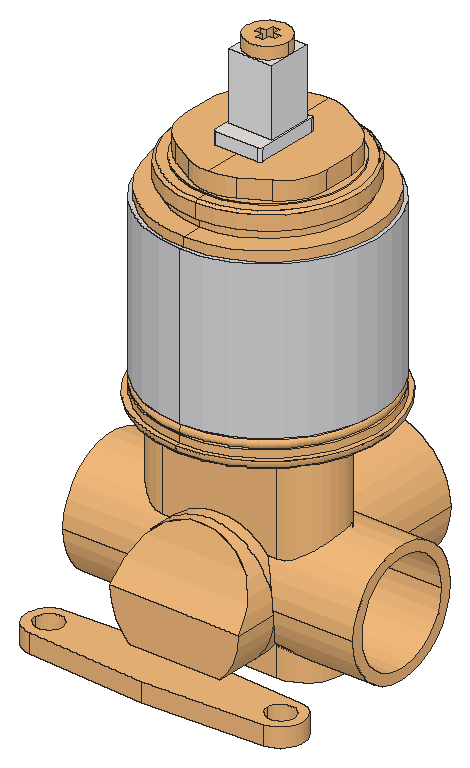
Revit family "Faucet-Valves_and_Controls-KOHLER-K-78981T_", category Plumbing Fixtures, host Face, Revit 2017
Family settings
  Host = Face
  Round Connector Dimension = Use Diameter
  Part Type = Normal
  OmniClass Number = 23.31.25.00
  OmniClass Title = Toilet and Bath Specialties
  Cut with Voids When Loaded = No
  Shared = No
  Room Calculation Point = No
Parameters (values of type "CP-Polished Chrome")
  Width = 2 51/128"  # constant formula
  WaterSense Certified = 1 = 0  # no
  Tempered Water Outlet = "Tempered Water Outlet"  # constant formula
  Waste Connection = 1 = 0  # no
  Vent Connection = 1 = 0  # no
  URL = "http://www.kohler.com.cn/"
  Type = 1
  Product Page URL = ""
  Product Name = ""
  Product Documentation Link = ""
  Pressure = 0.00 psi
  Model = "K-78981T-DR"  # constant formula
  Material = "Solid Brass Construction"  # constant formula
  Master Format 2014 Name = "Residential Showers"  # constant formula
  Master Format 2014 = "22 42 23"  # constant formula
  Manufacturer Address = "Kohler Beijing Office (100016) 36-2-03-B, No. 88, Liuxiang Road, Beijing"  # constant formula
  Manufacturer = "KOHLER Co."  # constant formula
  Length = 4 25/64"  # constant formula
  Hot Water Inlet = "Hot Water Inlet"  # constant formula
  Height = 2 133/256"  # constant formula
  HW Connection = 1 = 1  # yes
  Flow Rate = 0 GPM
  Finish = Kohler-Metal-CP-Polished_Chrome
  Environmental Product Declaration = ""
  Drain Included = 1 = 0  # no
  Description = "40MM shower only valve"  # constant formula
  Default Elevation = 47 31/128"
  Declare Label = ""
  Date Modified = "10/22/2020"  # constant formula
  Date Created = "10/22/2020"  # constant formula
  Copyright = "Copyright KOHLER Co."  # constant formula
  Contact Us = "http://www.kohler.com.cn/contact/contact-us/"
  Cold Water Inlet = "Cold Water Inlet"  # constant formula
  CW Connection = 1 = 1  # yes
  Assembly Code = "D2010700"
  ADA Compliant = 1 = 0  # no
Reference planes (in)
  plane 1 "Center (Front/Back)": y = 0
  plane 2: z = 0
  plane 3 "Center (Left/Right)": x = 0
  plane 4: z = 2.22224
  plane 5: z = -2.16839
  plane 6: z = -1.63655
  plane 7: z = -1.10365
  plane 8: y = -1.29921
  plane 9: y = -1.08189
  plane 10: y = 1.22032
  plane 11: y = 0.90551
  plane 12: y = -0.11688
  plane 13: x = -1.19922
  plane 14: x = -1.04687
  plane 15: x = -0.95989
  plane 16: x = 0.95756
  plane 17: x = 1.04724
  plane 18: x = 1.19922
  plane 19: x = 1.14555
  plane 20: x = -1.14555
Forms (in)
  Extrusion 1, void
    sketch origin (0, 0, 0) x (1, 0, 0) y (0, 1, 0)
      loop
        circle (0, 0) r 0.90547
    from -0.26989 to 0
  Extrusion 2, void
    sketch origin (0, 0, 0) x (1, 0, 0) y (0, 1, 0)
      loop
        line (1.19922, -1.29921) -> (1.19922, 1.22047) -> (-1.19922, 1.22047) -> (-1.19922, -1.29921) -> (1.19922, -1.29921)
    from -2.16535 to -0.25123
Dimensions and locks (in)
  "Width": plane 13 to plane 18
  "Height": plane 8 to plane 10
  "Length": plane 4 to plane 5
  plane 20 to plane 19 = 2.29109"
  locked: plane 15 to plane 16 at 1.91745
  locked: plane 12 to plane 11 at 1.02239
  locked: plane 9 to plane 12 at 0.96501
  locked: plane 7 to plane 5 at 1.06474
  locked: plane 6 to plane 5 at 0.53184
  aligned and locked: plane 2 to host face
  aligned and locked: level to host face
Automatic sketch dimensions
  host sketch curve to host sketch curve = 96"  (x2)
  plane 1 "Center (Front/Back)" to Extrusion 1 sketch curve = 0"
  Extrusion 1 sketch curve to plane 3 "Center (Left/Right)" = 0"
  Extrusion 2 sketch curve to plane 13 = 0"
  Extrusion 2 sketch curve to plane 18 = 0"
  plane 8 to Extrusion 2 sketch curve = 0"
  Extrusion 2 sketch curve to plane 10 = 0.00015"
  radius of Extrusion 1 sketch curve = 0.90547"
Nested families (in)
  nested 1: "K-78981T" at (0, 0, 0), type "K-78981T"
Connectors (in)
  piping at (-1.19922, -0.11688, -1.59539), diameter 0.5, driven by "HW Connection", driven by "Hot Water Inlet", driven by "Flow Rate"
    settings: on nested 1, index 1, connector inside diameter 24", connector length 0", flow factor 0, pipe flow 0 GPM, pressure drop 0.00 psi, fitting loss kfactor 0, connector angle 0.00°, fixture units 0, engagement length 0", angle of deflection 0.00°, flow configuration 0, flow direction 1, fitting loss method 0, system type 19, joint type 0, gender type 0, connector reference index -1, connector utility 1, adjustable connector no, is connector primary yes, connector description "Hot Water Inlet"
  piping at (1.19922, -0.11688, -1.59539), diameter 0.5, driven by "CW Connection", driven by "Cold Water Inlet", driven by "Flow Rate"
    settings: on nested 1, index 2, connector inside diameter 24", connector length 0", flow factor 0, pipe flow 0 GPM, pressure drop 0.00 psi, fitting loss kfactor 0, connector angle 0.00°, fixture units 0, engagement length 0", angle of deflection 0.00°, flow configuration 0, flow direction 1, fitting loss method 0, system type 20, joint type 0, gender type 0, connector reference index -1, connector utility 1, adjustable connector no, is connector primary no, connector description "Cold Water Inlet"
  piping at (0, 1.22047, -1.63555), diameter 0.5, driven by "HW Connection", driven by "Tempered Water Outlet", driven by "Flow Rate"
    settings: on nested 1, index 3, connector inside diameter 24", connector length 0", flow factor 0, pipe flow 0 GPM, pressure drop 0.00 psi, fitting loss kfactor 0, connector angle 0.00°, fixture units 0, engagement length 0", angle of deflection 0.00°, flow configuration 0, flow direction 2, fitting loss method 0, system type 19, joint type 0, gender type 0, connector reference index -1, connector utility 1, adjustable connector no, is connector primary no, connector description "Tempered Water Outlet"
Definition of nested family "K-78981T"
  Parameters (values of type "K-78981T")
    Material = none
  Reference planes (in)
    plane 1 "Center (Front/Back)": y = 0
    plane 2: z = 0
    plane 3 "Center (Left/Right)": x = 0
    plane 4: z = -2.16738
    plane 5: x = 1.19922
    plane 6: x = -1.19922
    plane 7: x = -1.04687
    plane 8: x = 1.04724
    plane 9: z = -1.63555
    plane 10: y = -0.11688
    plane 11: z = 2.22224
    plane 12: z = -1.10265
    plane 13: y = 1.22047
    plane 14: y = -1.29921
    plane 15: x = -0.95989
    plane 16: x = 0.95756
    plane 17: x = -1.14555
    plane 18: x = 1.14555
    plane 19: y = 0.90551
    plane 20: y = -1.08189
  Forms (in)
    Extrusion 1, solid
      sketch origin (0, -0.11688, -0.00308) x (0, 1, 0) y (0, 0, 1)
        loop
          circle (0, -1.59231) r 0.5
      from -1.19922 to 1.19922
    Extrusion 2, solid
      sketch origin (0, 0, 0) x (1, 0, 0) y (0, 0, 1)
        loop
          circle (0, -1.63555) r 0.53315
      from -1.22047 to 0.602
    Extrusion 3, solid
      sketch origin (0, 0, 0) x (1, 0, 0) y (0, 1, 0)
        loop
          line (-0.09601, 1.1367) -> (-0.96758, 1.09102)
          arc (-0.96758, 1.09102) -> (-1.14362, 0.90551) -> (-0.96758, 0.72) r 0.18577
          line (-0.96758, 0.72) -> (-0.09601, 0.67432) -> (-0.09601, 1.1367)
        loop
          arc (-0.9696, -0.87759) -> (-1.14555, -1.06299) -> (-0.9696, -1.2484) r 0.18566
          line (-0.9696, -1.2484) -> (0, -1.29921) -> (0.96729, -1.24852)
          arc (0.96729, -1.24852) -> (1.14335, -1.06299) -> (0.96729, -0.87747) r 0.18578
          line (0.96729, -0.87747) -> (0, -0.82677) -> (-0.9696, -0.87759)
        loop
          circle (-0.95786, 0.90551) r 0.11372
        loop
          circle (-0.95989, -1.06299) r 0.11328
        loop
          circle (0.95756, -1.06299) r 0.11328
      from -2.16535 to -2.00787
    Extrusion 4, solid
      sketch origin (0, 0, 0) x (1, 0, 0) y (0, 0, 1)
        loop
          circle (0, -1.63555) r 0.53315
      from 0.602 to 0.96457
    Extrusion 5, void
      sketch origin (0, 0.0123, -0.0123) x (0, 1, 0) y (0, 0, 1)
        loop
          line (-0.68113, -1.04651) -> (-1.02073, -1.04651) -> (-1.02073, -1.65916)
          arc (-1.02073, -1.65916) -> (-0.80514, -1.37821) -> (-0.68113, -1.04651) r 1.19767
      from -0.91151 to 0.61437
    Extrusion 6, solid
      sketch origin (0, 0, 0) x (1, 0, 0) y (0, 1, 0)
        loop
          arc (0.29887, 0.3461) -> (-0.00643, 0.59895) -> (-0.31186, 0.34625) r 0.31083
          arc (-0.31186, 0.34625) -> (-0.39257, 0.18759) -> (-0.54567, 0.09679) r 0.31935
          arc (-0.54567, 0.09679) -> (-0.77134, -0.23612) -> (-0.46955, -0.50197) r 0.30422
          line (-0.46955, -0.50197) -> (0.47254, -0.50197)
          arc (0.47254, -0.50197) -> (0.77639, -0.22872) -> (0.5368, 0.10232) r 0.30556
          arc (0.5368, 0.10232) -> (0.38109, 0.18834) -> (0.29887, 0.3461) r 0.30816
      from -2.16535 to -0.484
    Revolve 7, solid, detail levels medium+fine
      sketch origin (0, 0, 0) x (0, 1, 0) y (0, 0, 1)
        loop
          line (0, 1.4742) -> (-0.65009, 1.4742) -> (-0.65009, 1.31672) -> (-0.72421, 1.31672) -> (-0.74802, 1.29674) -> (-0.74802, 1.17907) -> (-0.70551, 1.15924) -> (-0.70551, 1.10019) -> (-0.87289, 1.10019) -> (-0.87289, 1.02145) -> (0, 1.02145) -> (0, 1.4742)
        loop
          line (-0.57135, -0.484) -> (0, -0.484) -> (0, -0.3932) -> (0, -0.26989) -> (-0.86686, -0.26989) -> (-0.8922, -0.28763)
          arc (-0.8922, -0.28763) -> (-0.90672, -0.32963) -> (-0.87134, -0.3565) r 0.03786
          line (-0.87134, -0.3565) -> (-0.90551, -0.3565) -> (-0.90551, -0.41556) -> (-0.94801, -0.41556)
          arc (-0.94801, -0.41556) -> (-0.94498, -0.44398) -> (-0.93253, -0.46971) r 0.0834
          arc (-0.93253, -0.46971) -> (-0.92033, -0.48022) -> (-0.90467, -0.484) r 0.03431
          line (-0.90467, -0.484) -> (-0.57135, -0.484)
        axis (0, 1.4742) -> (0, -0.484)
      angle from 0 to 360
    Extrusion 8, void
      sketch origin (0, 0, 0) x (1, 0, 0) y (0, 1, 0)
        loop
          arc (-0.19685, -0.56826) -> (0, -0.621) -> (0.19685, -0.56826) r 0.3937
          line (0.19685, -0.56826) -> (0.4033, -0.44906)
          arc (0.4033, -0.44906) -> (0.54038, -0.31199) -> (0.59055, -0.12474) r 0.3745
          line (0.59055, -0.12474) -> (0.59055, 0.12899)
          arc (0.59055, 0.12899) -> (0.54137, 0.31256) -> (0.40699, 0.44694) r 0.36713
          line (0.40699, 0.44694) -> (0.18277, 0.57639)
          arc (0.18277, 0.57639) -> (0, 0.62536) -> (-0.18277, 0.57639) r 0.36555
          line (-0.18277, 0.57639) -> (-0.3937, 0.45461)
          arc (-0.3937, 0.45461) -> (-0.53781, 0.3105) -> (-0.59055, 0.11365) r 0.3937
          line (-0.59055, 0.11365) -> (-0.59055, -0.11365)
          arc (-0.59055, -0.11365) -> (-0.53781, -0.3105) -> (-0.3937, -0.45461) r 0.3937
          line (-0.3937, -0.45461) -> (-0.19685, -0.56826)
        loop
          circle (-0.00362, -0.00398) r 0.72852
      from 1.32425 to 1.55339
    Extrusion 9, solid, detail levels medium+fine
      sketch origin (0, 0, 0) x (1, 0, 0) y (0, 1, 0)
        loop
          line (0.17411, 0.22835) -> (-0.17323, 0.22835)
          arc (-0.17323, 0.22835) -> (-0.18993, 0.22143) -> (-0.19685, 0.20472) r 0.02362
          line (-0.19685, 0.20472) -> (-0.19685, -0.29497)
          arc (-0.19685, -0.29497) -> (-0.18984, -0.31189) -> (-0.17293, -0.3189) r 0.02392
          line (-0.17293, -0.3189) -> (0.17391, -0.3189)
          arc (0.17391, -0.3189) -> (0.19013, -0.31218) -> (0.19685, -0.29595) r 0.02294
          line (0.19685, -0.29595) -> (0.19685, 0.20561)
          arc (0.19685, 0.20561) -> (0.19019, 0.22169) -> (0.17411, 0.22835) r 0.02274
      from 1.4742 to 1.57263
    Extrusion 10, solid, detail levels medium+fine
      sketch origin (0, 0, 0) x (1, 0, 0) y (0, 1, 0)
        loop
          line (0.17717, 0.17717) -> (-0.17717, 0.17717) -> (-0.17717, -0.17717) -> (0.17717, -0.17717) -> (0.17717, 0.17717)
      from 1.57263 to 2.12381
    Extrusion 11, solid, detail levels medium+fine
      sketch origin (0, 0, 0) x (1, 0, 0) y (0, 1, 0)
        loop
          circle (-0.00132, 0.00007) r 0.17215
        loop
          line (-0.02953, 0.02953) -> (-0.08661, 0.02953) -> (-0.08661, -0.02953) -> (-0.02953, -0.02953) -> (-0.02953, -0.08661) -> (0.02953, -0.08661) -> (0.02953, -0.02953) -> (0.08661, -0.02953) -> (0.08661, 0.02953) -> (0.02953, 0.02953) -> (0.02953, 0.08661) -> (-0.02953, 0.08661) -> (-0.02953, 0.02953)
      from 2.12381 to 2.22224
    Extrusion 12, void
      sketch origin (0, 0, 0) x (0, 1, 0) y (0, 0, 1)
        loop
          circle (-0.11688, -1.59539) r 0.41604
      from -1.27244 to 1.27696
    Extrusion 13, void
      sketch origin (0, 0, 0) x (1, 0, 0) y (0, 0, 1)
        loop
          circle (0, -1.63555) r 0.41653
      from -1.33012 to -0.64825
    Revolve 14, solid, material <- "Material", detail levels medium+fine
      sketch origin (0, 0, 0) x (0, 1, 0) y (0, 0, 1)
        loop
          line (0, 1.02145) -> (-0.90547, 1.02145) -> (-0.90547, -0.26989) -> (0, -0.26989) -> (0, 1.02145)
        axis (0, 1.02145) -> (0, -0.26989)
      angle from 0 to 360
    Extrusion 15, solid, material <- "Material", detail levels coarse
      sketch origin (0, 0, 0) x (1, 0, 0) y (0, 1, 0)
        loop
          circle (0, 0) r 0.94801
      from -0.484 to 1.4742
    Extrusion 16, solid, detail levels coarse
      sketch origin (0, 0, 0) x (1, 0, 0) y (0, 1, 0)
        loop
          line (0.21826, 0.25926) -> (-0.21561, 0.25926) -> (-0.21561, -0.35186) -> (0.21826, -0.35186) -> (0.21826, 0.25926)
      from 1.4742 to 2.22224
  Cuts and joins
    Extrusion 12 cuts Extrusion 1
    Extrusion 13 cuts Extrusion 2
    Extrusion 5 cuts Extrusion 4
    joined: Extrusion 1, Extrusion 2, Extrusion 4
    Extrusion 8 cuts Revolve 7
    Extrusion 13 cuts Extrusion 3
    Extrusion 12 cuts Extrusion 6
  Lines and regions (in)
    Masking region 1
      outline origin (0, 0, 0) x (1, 0, 0) y (0, 1, 0)
        loop
          arc (0.53315, 0.78388) -> (-0.06569, 0.94573) -> (-0.6364, 0.70264) r 0.94801
          arc (-0.6364, 0.70264) -> (-0.76856, 0.55501) -> (-0.86714, 0.38312) r 0.94801
          arc (-0.86714, 0.38312) -> (-0.93789, -0.13815) -> (-0.71985, -0.61688) r 0.94801
          arc (-0.71985, -0.61688) -> (-0.5826, -0.74786) -> (-0.42203, -0.84889) r 0.94801
          arc (-0.42203, -0.84889) -> (0, -0.94801) -> (0.42203, -0.84889) r 0.94801
          arc (0.42203, -0.84889) -> (0.5826, -0.74786) -> (0.71985, -0.61688) r 0.94801
          arc (0.71985, -0.61688) -> (0.93789, -0.13815) -> (0.86714, 0.38312) r 0.94801
          arc (0.86714, 0.38312) -> (0.72826, 0.60693) -> (0.53315, 0.78388) r 0.94801
    Masking region 2, detail levels medium+fine
      outline origin (4.92126, 0, 0) x (1, 0, 0) y (0, 0, 1)
        loop
          line (-6.12048, -1.10265) -> (-6.12048, -2.09231) -> (-6.06681, -2.09231) -> (-6.06681, -2.16738) -> (-3.77791, -2.16738) -> (-3.77791, -2.09231) -> (-3.72204, -2.09231) -> (-3.72204, -1.10265) -> (-4.14313, -1.10265) -> (-4.14313, -0.484) -> (-4.01659, -0.484)
          arc (-4.01659, -0.484) -> (-3.98325, -0.45717) -> (-3.97325, -0.41556) r 0.0663
          line (-3.97325, -0.41556) -> (-4.01575, -0.41556) -> (-4.01575, -0.3565) -> (-4.04992, -0.3565)
          arc (-4.04992, -0.3565) -> (-4.01513, -0.31128) -> (-4.0544, -0.26989) r 0.0439
          line (-4.0544, -0.26989) -> (-4.01575, -0.26989) -> (-4.01575, 0) -> (-5.82677, 0) -> (-5.82677, -0.26989) -> (-5.78812, -0.26989)
          arc (-5.78812, -0.26989) -> (-5.82739, -0.31128) -> (-5.7926, -0.3565) r 0.0439
          line (-5.7926, -0.3565) -> (-5.82677, -0.3565) -> (-5.82677, -0.41556) -> (-5.86927, -0.41556)
          arc (-5.86927, -0.41556) -> (-5.85927, -0.45717) -> (-5.82593, -0.484) r 0.0663
          line (-5.82593, -0.484) -> (-5.69478, -0.484) -> (-5.69478, -1.10265) -> (-6.12048, -1.10265)
    Masking region 3
      outline origin (0, 0, 0) x (1, 0, 0) y (0, 0, 1)
        loop
          line (0.87289, 1.02145) -> (0.87289, 1.10019) -> (0.70551, 1.10019) -> (0.70551, 1.15924) -> (0.74802, 1.17907) -> (0.74802, 1.29674) -> (0.72421, 1.31672) -> (0.59055, 1.31672) -> (0.59055, 1.4742) -> (0.19685, 1.4742) -> (0.19685, 1.57263) -> (0.17717, 1.60672) -> (0.17717, 2.22224) -> (-0.17717, 2.22224) -> (-0.17717, 1.60672) -> (-0.19685, 1.57263) -> (-0.19685, 1.4742) -> (-0.59055, 1.4742) -> (-0.59055, 1.31672) -> (-0.72421, 1.31672) -> (-0.74802, 1.29674) -> (-0.74802, 1.17907) -> (-0.70551, 1.15924) -> (-0.70551, 1.10019) -> (-0.87289, 1.10019) -> (-0.87289, 1.02145) -> (-0.90551, 1.02145) -> (-0.90551, 0) -> (0.90551, 0) -> (0.90551, 1.02145) -> (0.87289, 1.02145)
    Masking region 4
      outline origin (0, 6.10236, 0) x (0, 1, 0) y (0, 0, 1)
        loop
          line (-4.88176, -1.1022) -> (-5.50267, -1.1022) -> (-5.50267, -0.4839) -> (-5.19765, -0.4839)
          arc (-5.19765, -0.4839) -> (-5.16431, -0.45706) -> (-5.15431, -0.41545) r 0.0663
          line (-5.15431, -0.41545) -> (-5.19681, -0.41545) -> (-5.19681, -0.3564) -> (-5.23098, -0.3564)
          arc (-5.23098, -0.3564) -> (-5.19619, -0.31118) -> (-5.23546, -0.26978) r 0.0439
          line (-5.23546, -0.26978) -> (-5.19681, -0.26978) -> (-5.19681, 1.02145) -> (-5.22947, 1.02145) -> (-5.22947, 1.10019) -> (-5.39685, 1.10019) -> (-5.39685, 1.15924) -> (-5.35434, 1.17907) -> (-5.35434, 1.29674) -> (-5.37991, 1.31672) -> (-5.477, 1.31672) -> (-5.477, 1.4742) -> (-5.87402, 1.4742) -> (-5.87402, 1.57263) -> (-5.9252, 1.57263) -> (-5.9252, 2.22224) -> (-6.27953, 2.22224) -> (-6.27953, 1.57263) -> (-6.42144, 1.57263) -> (-6.42144, 1.4742) -> (-6.72772, 1.4742) -> (-6.72772, 1.31672) -> (-6.82481, 1.31672) -> (-6.85039, 1.29674) -> (-6.85039, 1.17907) -> (-6.80787, 1.15924) -> (-6.80787, 1.10019) -> (-6.97526, 1.10019) -> (-6.97526, 1.02145) -> (-7.00783, 1.02145) -> (-7.00783, -0.26978) -> (-6.96918, -0.26978)
          arc (-6.96918, -0.26978) -> (-7.00844, -0.31118) -> (-6.97365, -0.3564) r 0.0439
          line (-6.97365, -0.3564) -> (-7.00783, -0.3564) -> (-7.00783, -0.41545) -> (-7.05033, -0.41545)
          arc (-7.05033, -0.41545) -> (-7.04032, -0.45706) -> (-7.00698, -0.4839) r 0.0663
          line (-7.00698, -0.4839) -> (-6.60363, -0.4839) -> (-6.60363, -1.10265) -> (-6.78137, -1.10265)
          arc (-6.78137, -1.10265) -> (-6.89097, -1.38282) -> (-7.06693, -1.62684) r 1.19767
          line (-7.06693, -1.62684) -> (-7.06693, -2.00787) -> (-7.40157, -2.00787) -> (-7.40157, -2.16728) -> (-4.88176, -2.16728) -> (-4.88176, -1.1022)
    symbolic lines, detail levels medium+fine
      curve 1: circle (0, 0, 0) r 0.90551 normal (0, 0, -1)
      curve 2: circle (0, 0, 0) r 0.87134 normal (0, 0, 1)
      curve 3: circle (0, 0, 0) r 0.74802 normal (0, 0, 1)
      curve 4: circle (0, 0, 0) r 0.72421 normal (0, 0, 1)
      curve 5: arc (0, 0.62536, 0) -> (-0.09461, 0.6129, 0) -> (-0.18277, 0.57639, 0) r 0.36555
      curve 6: line (-0.18277, 0.57639, 0) -> (-0.3937, 0.45461, 0)
      curve 7: arc (-0.3937, 0.45461, 0) -> (-0.53781, 0.3105, 0) -> (-0.59055, 0.11365, 0) r 0.3937
      curve 8: line (-0.59055, 0.11365, 0) -> (-0.59055, -0.11365, 0)
      curve 9: arc (-0.59055, -0.11365, 0) -> (-0.53781, -0.3105, 0) -> (-0.3937, -0.45461, 0) r 0.3937
      curve 10: line (-0.3937, -0.45461, 0) -> (-0.19685, -0.56826, 0)
      curve 11: arc (-0.19685, -0.56826, 0) -> (-0.1019, -0.60759, 0) -> (0, -0.621, 0) r 0.3937
      curve 12: arc (0, 0.62536, 0) -> (0.09461, 0.6129, 0) -> (0.18277, 0.57639, 0) r 0.36555
      curve 13: line (0.18277, 0.57639, 0) -> (0.3937, 0.45461, 0)
      curve 14: arc (0.3937, 0.45461, 0) -> (0.53781, 0.3105, 0) -> (0.59055, 0.11365, 0) r 0.3937
      curve 15: line (0.59055, 0.11365, 0) -> (0.59055, -0.11365, 0)
      curve 16: arc (0.59055, -0.11365, 0) -> (0.53781, -0.3105, 0) -> (0.3937, -0.45461, 0) r 0.3937
      curve 17: line (0.3937, -0.45461, 0) -> (0.19685, -0.56826, 0)
      curve 18: arc (0.19685, -0.56826, 0) -> (0.1019, -0.60759, 0) -> (0, -0.621, 0) r 0.3937
      curve 19: line (0.17411, 0.22835, 0) -> (-0.17323, 0.22835, 0)
      curve 20: arc (-0.17323, 0.22835, 0) -> (-0.18993, 0.22143, 0) -> (-0.19685, 0.20472, 0) r 0.02362
      curve 21: line (-0.19685, 0.20472, 0) -> (-0.19685, -0.29497, 0)
      curve 22: arc (-0.19685, -0.29497, 0) -> (-0.18984, -0.31189, 0) -> (-0.17293, -0.3189, 0) r 0.02392
      curve 23: line (-0.17293, -0.3189, 0) -> (0.17391, -0.3189, 0)
      curve 24: arc (0.17391, -0.3189, 0) -> (0.19013, -0.31218, 0) -> (0.19685, -0.29595, 0) r 0.02294
      curve 25: line (0.19685, -0.29595, 0) -> (0.19685, 0.20561, 0)
      curve 26: arc (0.19685, 0.20561, 0) -> (0.19019, 0.22169, 0) -> (0.17411, 0.22835, 0) r 0.02274
      curve 27: line (0.17717, 0.17717, 0) -> (-0.17717, 0.17717, 0)
      curve 28: line (-0.17717, 0.17717, 0) -> (-0.17717, -0.17717, 0)
      curve 29: line (-0.17717, -0.17717, 0) -> (0.17717, -0.17717, 0)
      curve 30: line (0.17717, -0.17717, 0) -> (0.17717, 0.17717, 0)
      curve 31: arc (0.17083, 0.00007, 0) -> (-0.00132, 0.17221, 0) -> (-0.17346, 0.00007, 0) r 0.17215
      curve 32: arc (-0.17346, 0.00007, 0) -> (-0.00132, -0.17208, 0) -> (0.17083, 0.00007, 0) r 0.17215
      curve 33: line (-0.02953, 0.08661, 0) -> (0.02953, 0.08661, 0)
      curve 34: line (0.02953, 0.08661, 0) -> (0.02953, 0.02953, 0)
      curve 35: line (0.02953, 0.02953, 0) -> (0.08661, 0.02953, 0)
      curve 36: line (0.08661, 0.02953, 0) -> (0.08661, -0.02953, 0)
      curve 37: line (0.08661, -0.02953, 0) -> (0.02953, -0.02953, 0)
      curve 38: line (0.02953, -0.02953, 0) -> (0.02953, -0.08661, 0)
      curve 39: line (0.02953, -0.08661, 0) -> (-0.02953, -0.08661, 0)
      curve 40: line (-0.02953, -0.08661, 0) -> (-0.02953, -0.02953, 0)
      curve 41: line (-0.02953, -0.02953, 0) -> (-0.08661, -0.02953, 0)
      curve 42: line (-0.08661, -0.02953, 0) -> (-0.08661, 0.02953, 0)
      curve 43: line (-0.08661, 0.02953, 0) -> (-0.02953, 0.02953, 0)
      curve 44: line (-0.02953, 0.02953, 0) -> (-0.02953, 0.08661, 0)
      curve 52: arc (-0.53315, 0, -1.63555) -> (0, 0, -2.16869) -> (0.53315, 0, -1.63555) r 0.53315
      curve 53: arc (0.53315, 0, -1.63555) -> (0, 0, -1.1024) -> (-0.53315, 0, -1.63555) r 0.53315
      curve 54: arc (-0.41653, 0, -1.63555) -> (0, 0, -2.05208) -> (0.41653, 0, -1.63555) r 0.41653
      curve 55: arc (0.41653, 0, -1.63555) -> (0, 0, -1.21901) -> (-0.41653, 0, -1.63555) r 0.41653
      curve 56: line (1.19922, 0, -2.00787) -> (0.3816, 0, -2.00787)
      curve 57: line (-0.3816, 0, -2.00787) -> (-1.19922, 0, -2.00787)
      curve 58: line (-1.14555, 0, -2.09231) -> (-1.14555, 0, -2.00787)
      curve 59: line (1.14335, 0, -2.09231) -> (1.14335, 0, -2.00787)
      curve 60: line (0.77813, 0, -0.484) -> (-0.77352, 0, -0.484)
      curve 61: line (0.90551, 0, -0.41556) -> (-0.90551, 0, -0.41556)
      curve 62: line (0.87134, 0, -0.3565) -> (-0.87134, 0, -0.3565)
      curve 63: line (0.86686, 0, -0.26989) -> (-0.86686, 0, -0.26989)
      curve 64: line (0.87289, 0, 1.02145) -> (-0.87289, 0, 1.02145)
      curve 65: line (0.70551, 0, 1.10019) -> (-0.70551, 0, 1.10019)
      curve 66: line (0.70551, 0, 1.15924) -> (-0.70551, 0, 1.15924)
      curve 67: line (0.74802, 0, 1.17907) -> (-0.74802, 0, 1.17907)
      curve 68: line (0.74802, 0, 1.29674) -> (-0.74802, 0, 1.29674)
      curve 69: line (0.59055, 0, 1.31672) -> (-0.59055, 0, 1.31672)
      curve 70: line (0.19685, 0, 1.4742) -> (-0.19685, 0, 1.4742)
      curve 71: line (0.19685, 0, 1.57263) -> (-0.19685, 0, 1.57263)
      curve 72: line (0.17717, 0, 1.60672) -> (0.17717, 0, 1.57263)
      curve 73: line (-0.17717, 0, 1.60672) -> (-0.17717, 0, 1.57263)
      curve 74: line (0.17717, 0, 2.12381) -> (-0.17346, 0, 2.12381)
      curve 75: line (0.77813, 0, -1.10265) -> (-0.77352, 0, -1.10265)
      curve 76: arc (0, -0.61688, -1.59539) -> (0, -0.11688, -2.09539) -> (0, 0.38312, -1.59539) r 0.5
      curve 77: arc (0, 0.38312, -1.59539) -> (0, -0.11688, -1.09539) -> (0, -0.61688, -1.59539) r 0.5
      curve 78: circle (0, -0.11688, -1.59539) r 0.41604 normal (1, 0, 0)
      curve 79: line (0, 1.22047, -2.00787) -> (0, 0.16571, -2.00787)
      curve 80: line (0, -0.39947, -2.00787) -> (0, -1.29921, -2.00787)
      curve 81: line (0, -0.50127, -1.1022) -> (0, -0.50127, -1.27563)
      curve 82: line (0, -0.50127, -1.91515) -> (0, -0.50127, -2.00787)
      curve 83: line (0, 0.59969, -1.1022) -> (0, -0.03462, -1.1022)
      curve 84: line (0, -0.19914, -1.1022) -> (0, -0.50127, -1.1022)
      curve 85: line (0, 0.59969, -0.4839) -> (0, -0.50609, -0.4839)
      curve 86: line (0, 0.90551, -0.41556) -> (0, -0.90551, -0.41556)
      curve 87: line (0, 0.87134, -0.3565) -> (0, -0.87134, -0.3565)
      curve 88: line (0, 0.8669, -0.26978) -> (0, -0.86681, -0.26978)
      curve 89: line (0, 0.87289, 1.02145) -> (0, -0.87289, 1.02145)
      curve 90: line (0, 0.70551, 1.10019) -> (0, -0.70551, 1.10019)
      curve 91: line (0, 0.70551, 1.15924) -> (0, -0.70551, 1.15924)
      curve 92: line (0, 0.74802, 1.17907) -> (0, -0.74802, 1.17907)
      curve 93: line (0, 0.74802, 1.29674) -> (0, -0.74802, 1.29674)
      curve 94: line (0, 0.62536, 1.31672) -> (0, -0.62536, 1.31672)
      curve 95: line (0, 0.22835, 1.4742) -> (0, -0.31908, 1.4742)
      curve 96: line (0, 0.17717, 1.57263) -> (0, -0.17717, 1.57263)
      curve 97: line (0, 0.17717, 2.12381) -> (0, -0.17717, 2.12381)
    symbolic lines, detail levels coarse
      curve 45: line (0.33135, 0, -0.70752) -> (0.33135, 0, -1.07347)
      curve 46: line (-0.33135, 0, -0.70752) -> (-0.33135, 0, -1.07347)
      curve 47: line (0.33135, 0, -0.70752) -> (-0.33135, 0, -1.07347)
      curve 48: line (-0.33135, 0, -0.70752) -> (0.33135, 0, -1.07347)
      curve 49: line (0, 0, -0.8905) -> (0, 0, -1.58712)
      curve 50: line (0.22121, 0, -1.58712) -> (-0.22121, 0, -1.58712)
      curve 51: arc (0.22121, 0, -1.58712) -> (0, 0, -1.73891) -> (-0.22121, 0, -1.58712) r 0.23708
  Dimensions and locks (in)
    plane 13 to plane 14 = 2.51969"
    plane 15 to plane 16 = 1.91745"
    plane 17 to plane 18 = 2.29109"
    plane 20 to plane 10 = 0.96501"
    plane 19 to plane 10 = 1.02239"
    plane 4 to plane 9 = 0.53184"
    plane 4 to plane 12 = 1.06474"
    aligned and locked: plane 2 to level
